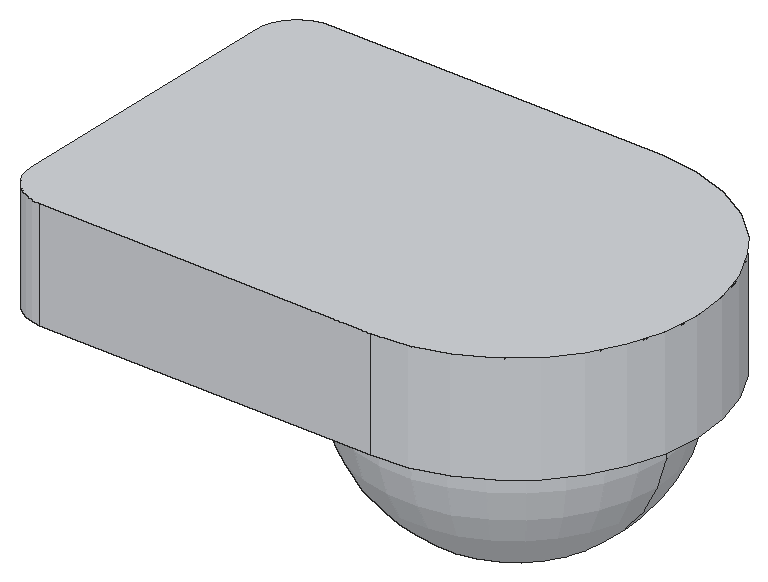
Revit family "252500.04 OSID Sender normal effekt batteri Tak", category Fire Alarm Devices, Revit 2016
Family settings
  Maintain Annotation Orientation = No
  Part Type = Normal
  Round Connector Dimension = Use Diameter
  OmniClass Number = 23.85.30.21.11.11.11
  OmniClass Title = Smoke Detectors
  Work Plane-Based = No
  Always vertical = Yes
  Cut with Voids When Loaded = No
  Shared = No
  Room Calculation Point = No
Parameters (values of type "Linjedetektor sender")
  Type Comments = "-RY"
  R = CQ Width / 2  # 65 mm
  NVMottaker = no
  NS8360 = "5423_XN3"
  Manufacturer = "Honeywell"
  Keynote = "XN3"
  H1 = R - 10 mm  # 55 mm
  CQ Høyre = no
  CQFontSymboler = "w"
  CQ Venstre = not(CQ Høyre)  # yes
  CQ Type tekst synlig = yes
  CQ Type = "LD"
  CQ Montering tekst synlig [instance] = no
  CQ Montering [instance] = "HIM"
  CQ Material = none
  CQ Width = 130 mm
  CQ Height = 94 mm
  CQ Length = 198 mm
  CQ Coverage Circle Radius = 70000 mm
  CQ Symbol Positive Direction [instance] = yes
  CQ Symbol Offset Side [instance] = 0 mm
  CQ Symbol Offset Out [instance] = 0 mm
  CQ Coverage Circle = no
  CQ 3D Synlig = not(CQ 2D Synlig)  # no
  CQ 2D Synlig = yes
  Assembly Code = "5423"
Reference planes
  plane 1 "Center (Front/Back)": y = 0
  plane 2: z = 0
  plane 3 "Center (Left/Right)": x = 0
  plane 4: z = -94
  plane 5 "foran a": y = -65
  plane 6 "bak a": y = 65
  plane 7 "høyre": x = 99
  plane 8 "Venstre": x = -99
  plane 9: z = -45
  plane 10: z = -39
  plane 11: x = 89
  plane 12: x = 34
Forms (mm)
  Extrusion 1, solid, material <- "CQ Material"
    sketch origin (0, 0, 0) x (1, 0, 0) y (0, 1, 0)
      loop
        arc (-84, 65) -> (-94.607, 60.607) -> (-99, 50) r 15
        line (-99, 50) -> (-99, -50)
        arc (-99, -50) -> (-94.607, -60.607) -> (-84, -65) r 15
        line (-84, -65) -> (34, -65)
        arc (34, -65) -> (99, 0) -> (34, 65) r 65
        line (34, 65) -> (-84, 65)
    from 0 to -39
  Revolve 2, solid, material <- "CQ Material"
    sketch origin (0, 0, 0) x (1, 0, 0) y (0, 0, 1)
      loop
        line (34, -39) -> (34, -94)
        arc (34, -94) -> (72.891, -77.891) -> (89, -39) r 55
        line (89, -39) -> (34, -39)
      axis (34, -39) -> (34, -94)
    angle from 0 to 360
Lines and regions (mm)
  model lines, style "InvisibleLines"
    curve 1: line (0, 0, 0) -> (0, 0, 5)
Dimensions and locks
  "CQ Height": plane 2 to plane 4
  "CQ Width": plane 6 "bak a" to plane 5 "foran a"
  equal spacing: plane 6 "bak a", plane 1 "Center (Front/Back)", plane 5 "foran a"
  equal spacing: plane 8 "Venstre", plane 3 "Center (Left/Right)", plane 7 "høyre"
  "CQ Length": plane 8 "Venstre" to plane 7 "høyre"
  "H1": plane 10 to plane 4
  "H1": plane 11 to plane 12
  locked: plane 11 to plane 7 "høyre" at 10
  "R": radius of Extrusion 1 sketch curve
  radius of Extrusion 1 sketch curve = 15 mm  (x2)
  aligned and locked: level to plane 2
  aligned and locked: plane 3 "Center (Left/Right)" to nested 1
  aligned and locked: plane 1 "Center (Front/Back)" to nested 1
  aligned and locked: nested 2 to plane 3 "Center (Left/Right)"
  aligned and locked: nested 2 to plane 1 "Center (Front/Back)"
  aligned and locked: level to curve 1
  aligned and locked: plane 3 "Center (Left/Right)" to curve 1
  aligned and locked: Extrusion 1 sketch curve to plane 6 "bak a"
  aligned and locked: Extrusion 1 sketch curve to plane 8 "Venstre"
  aligned and locked: Extrusion 1 to plane 10
  aligned and locked: Revolve 2 sketch curve to plane 12
  aligned and locked: Revolve 2 sketch curve to plane 10
  aligned and locked: plane 12 to Extrusion 1 sketch curve
  aligned and locked: plane 1 "Center (Front/Back)" to Extrusion 1 sketch curve
Automatic sketch dimensions
  level to curve 1 = 5 mm
  Revolve 2 sketch curve to plane 12 = 0 mm
  Revolve 2 sketch curve to plane 11 = 0 mm
  Revolve 2 sketch curve to plane 4 = 11 mm
  level to Revolve 2 sketch curve = 5 mm
Nested families
  nested 1: "Linjedetektor Symbol" at (0, 0, 0), visible <- "CQ 2D Synlig", type "Type 1"
  nested 2: "Coverage Circle" at (0, 0, 0), visible <- "CQ Coverage Circle", type "Type 1"
Connectors
  electrical at (0, 0, 0)
    settings: index 1, voltage 0 V, apparent load 0 VA, apparent load phase1 0 VA, apparent load phase2 0 VA, apparent load phase3 0 VA, power factor 1, load classification "Other", number of poles 1, system type 11, power factor state 1, is connector primary yes, connector utility no, sub classification motor no, connector description ""
Definition of nested family "Linjedetektor Symbol"
  Parameters (values of type "Type 1")
    Type tekst synlig = yes
    Type = "LD"
    Sender = not(Mottaker)  # no
    Mottaker = yes
    Montering tekst synlig = no
    Montering = "HIM"
    CQ Symbol Positive Direction = yes
    CQ Symbol Negative Direction = not(CQ Symbol Positive Direction)  # no
    CQ Symbol Offset Side = 0 mm
    CQ Symbol Offset Out = 0 mm
  Reference planes
    plane 1: y = 0
    plane 2: x = 0
  Dimensions and locks
    "CQ Symbol Offset Side": nested 2 to plane 2
    "CQ Symbol Offset Side": plane 2 to nested 1
    "CQ Symbol Offset Out": plane 1 to nested 1
    "CQ Symbol Offset Out": plane 1 to nested 2
  Nested families
    nested 1: "Linjedetektor Sub" at (0, 0, 0), visible <- "CQ Symbol Positive Direction", type "Type1"
    nested 2: "Linjedetektor Sub" at (0, 0, 0), visible <- "CQ Symbol Negative Direction", type "Type1"
  Definition of nested family "Linjedetektor Sub"
    Parameters (values of type "Type1")
      Type tekst synlig = yes
      Type = "LD"
      Sender = yes
      Mottaker = yes
      Montering tekst synlig = no
      Montering = "HIM"
    Reference planes
      plane 1: y = 0
      plane 2: x = 0
    Lines and regions (mm)
      detail lines
        curve 1: line (-2.5, -2.5, 0) -> (2.5, -2.5, 0)
        curve 2: line (2.5, -2.5, 0) -> (2.5, 2.5, 0)
        curve 3: line (2.5, 2.5, 0) -> (-2.5, 2.5, 0)
        curve 4: line (-2.5, 2.5, 0) -> (-2.5, -2.5, 0)
        curve 5: circle (-1.25, -1.5, 0) r 0.25 normal (0, 0, 1)
        curve 6: line (-1.25, -0.75, 0) -> (-1, 1.5, 0)
        curve 7: arc (-1, 1.5, 0) -> (-1.25, 1.75, 0) -> (-1.5, 1.5, 0) r 0.25
        curve 8: line (-1.5, 1.5, 0) -> (-1.25, -0.75, 0)
        curve 9: line (-1.25, 0.5, 0) -> (-1.25, 1.5, 0)
        curve 13: line (1.25, -0.83, 0) -> (2, 0.469, 0)
        curve 14: line (1.25, -0.83, 0) -> (0.5, 0.469, 0)
        curve 15: arc (0.189, 0.231, 0) -> (1.25, 0.67, 0) -> (2.311, 0.231, 0) r 1.5
      detail lines, visible <- "Type tekst synlig"
        curve 10: line (-2.5, -4.5, 0) -> (2.5, -4.5, 0)
        curve 11: line (-2.5, -4.5, 0) -> (-2.5, -2.5, 0)
        curve 12: line (2.5, -4.5, 0) -> (2.5, -2.5, 0)
      detail lines, visible <- "Sender"
        curve 16: line (0.198, 1.5, 0) -> (2.298, 1.5, 0)
        curve 17: line (2.298, 1.5, 0) -> (1.396, 2.021, 0)
        curve 18: line (2.298, 1.5, 0) -> (1.396, 0.979, 0)
      detail lines, visible <- "Mottaker"
        curve 19: line (2.298, -1.5, 0) -> (0.198, -1.5, 0)
        curve 20: line (0.198, -1.5, 0) -> (1.101, -2.021, 0)
        curve 21: line (0.198, -1.5, 0) -> (1.101, -0.979, 0)
    Nested families
      nested 1: "txt 1_50" at (3.379, 2.424, 0), visible <- "Montering tekst synlig", Type Name <- "Montering", type "txt"
      nested 2: "txt 1_50" at (-1.901, -3.637, 0), visible <- "Type tekst synlig", Type Name <- "Type", type "txt"
        with Type Name "LD"
    Definition of nested family "txt 1_50"
      Parameters (values of type "txt")
        Type Name [instance] = "HIM"
      Reference planes
        plane 1: y = 0
        plane 2: x = 0
      Text (mm)
        label "TXT" at (1.952, 0, 0), shows "Type Name"
Definition of nested family "Coverage Circle"
  Parameters
    Radius = 3250 mm
  Reference planes
    plane 1 "Center (Front/Back)": y = 0
    plane 2: z = 0
    plane 3 "Center (Left/Right)": x = 0
  Lines and regions (mm)
    detail lines, in view "Ref. Level"
      curve 1: circle (0, 0, 0) r 3250 normal (0, 0, 1)
  Dimensions and locks
    "Radius": radius of curve 1
    aligned and locked: plane 1 "Center (Front/Back)" to curve 1
    aligned and locked: plane 3 "Center (Left/Right)" to curve 1
